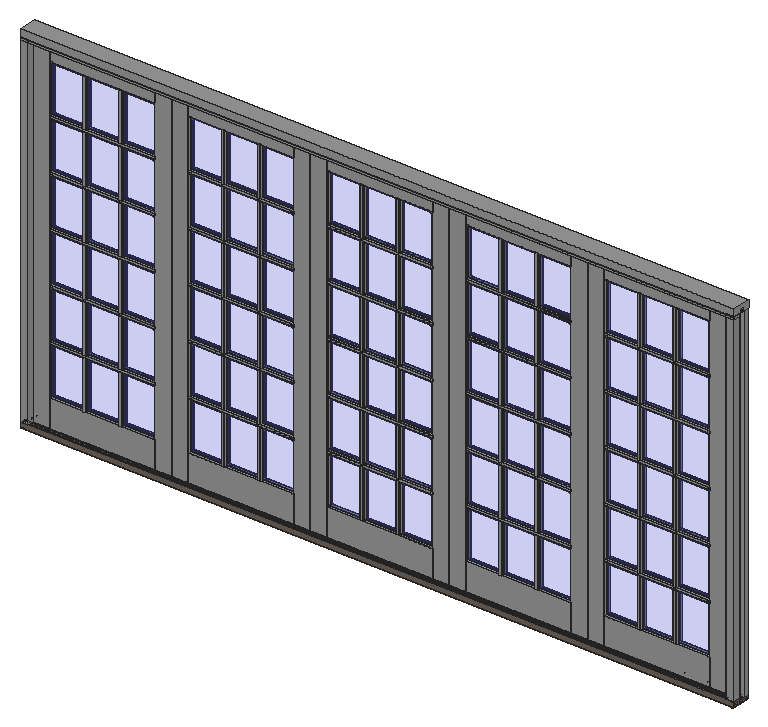
Revit family "VSFA 4190 SP RH", category Doors, host Wall, Revit 2015 (continued)
Forms (mm)
  Sweep 134, solid, material "Lauan, Meranti"
    path origin (-453.272, -75, -1252.284) x (1, 0, 0) y (0, 0, 1)
      loop
        line (338.612, 1726.284) -> (338.612, 1442.272) -> (536.952, 1442.272) -> (536.952, 1726.284) -> (338.612, 1726.284)
    profile origin (-15.49, -75, 474) x (0, 0, 1) y (0, -1, 0)
      loop
        line (-9, -78) -> (-9, -80) -> (-7, -80)
        arc (-7, -80) -> (-4.67, -84.366) -> (0, -86) r 6.807
        line (0, -86) -> (0, -78) -> (-9, -78)
  Sweep 135, solid, material "Lauan, Meranti"
    path origin (-241.932, -75, -1252.284) x (1, 0, 0) y (0, 0, 1)
      loop
        line (338.612, 1726.284) -> (338.612, 1442.272) -> (536.952, 1442.272) -> (536.952, 1726.284) -> (338.612, 1726.284)
    profile origin (195.85, -75, 474) x (0, 0, 1) y (0, -1, 0)
      loop
        line (-9, -78) -> (-9, -80) -> (-7, -80)
        arc (-7, -80) -> (-4.67, -84.366) -> (0, -86) r 6.807
        line (0, -86) -> (0, -78) -> (-9, -78)
  Extrusion 136, solid, material "Lauan, Meranti"
    sketch origin (-1526, 0, -0.012) x (1, 0, 0) y (0, 1, 0)
      loop
        line (597.34, -15.5) -> (597.34, -13.5)
        arc (597.34, -13.5) -> (602.01, -11.866) -> (604.34, -7.5) r 6.807
        line (604.34, -7.5) -> (606.34, -7.5) -> (606.34, -5.5) -> (597.34, -5.5) -> (597.34, 24.5) -> (584.34, 24.5) -> (584.34, -5.5) -> (575.34, -5.5) -> (575.34, -7.5) -> (577.34, -7.5)
        arc (577.34, -7.5) -> (579.67, -11.866) -> (584.34, -13.5) r 6.807
        line (584.34, -13.5) -> (584.34, -15.5) -> (597.34, -15.5)
      loop
        line (808.68, -15.5) -> (808.68, -13.5)
        arc (808.68, -13.5) -> (813.35, -11.866) -> (815.68, -7.5) r 6.807
        line (815.68, -7.5) -> (817.68, -7.5) -> (817.68, -5.5) -> (808.68, -5.5) -> (808.68, 24.5) -> (795.68, 24.5) -> (795.68, -5.5) -> (786.68, -5.5) -> (786.68, -7.5) -> (788.68, -7.5)
        arc (788.68, -7.5) -> (791.01, -11.866) -> (795.68, -13.5) r 6.807
        line (795.68, -13.5) -> (795.68, -15.5) -> (808.68, -15.5)
    from 190 to 474
  Sweep 137, solid, material "Lauan, Meranti"
    path origin (-1478.612, -75, -1252.284) x (1, 0, 0) y (0, 0, 1)
      loop
        line (338.612, 1726.284) -> (338.612, 1442.272) -> (536.952, 1442.272) -> (536.952, 1726.284) -> (338.612, 1726.284)
    profile origin (-1040.83, -75, 474) x (0, 0, 1) y (0, -1, 0)
      loop
        line (-9, -78) -> (-9, -80) -> (-7, -80)
        arc (-7, -80) -> (-4.67, -84.366) -> (0, -86) r 6.807
        line (0, -86) -> (0, -78) -> (-9, -78)
  Sweep 138, solid, material "Lauan, Meranti"
    path origin (-1267.272, -75, -1252.284) x (1, 0, 0) y (0, 0, 1)
      loop
        line (338.612, 1726.284) -> (338.612, 1442.272) -> (536.952, 1442.272) -> (536.952, 1726.284) -> (338.612, 1726.284)
    profile origin (-829.49, -75, 474) x (0, 0, 1) y (0, -1, 0)
      loop
        line (-9, -78) -> (-9, -80) -> (-7, -80)
        arc (-7, -80) -> (-4.67, -84.366) -> (0, -86) r 6.807
        line (0, -86) -> (0, -78) -> (-9, -78)
  Sweep 139, solid, material "Lauan, Meranti"
    path origin (-1055.932, -75, -1252.284) x (1, 0, 0) y (0, 0, 1)
      loop
        line (338.612, 1726.284) -> (338.612, 1442.272) -> (536.952, 1442.272) -> (536.952, 1726.284) -> (338.612, 1726.284)
    profile origin (-618.15, -75, 474) x (0, 0, 1) y (0, -1, 0)
      loop
        line (-9, -78) -> (-9, -80) -> (-7, -80)
        arc (-7, -80) -> (-4.67, -84.366) -> (0, -86) r 6.807
        line (0, -86) -> (0, -78) -> (-9, -78)
  Extrusion 140, solid, material "Lauan, Meranti"
    sketch origin (-2340, 0, -0.012) x (1, 0, 0) y (0, 1, 0)
      loop
        line (597.34, -15.5) -> (597.34, -13.5)
        arc (597.34, -13.5) -> (602.01, -11.866) -> (604.34, -7.5) r 6.807
        line (604.34, -7.5) -> (606.34, -7.5) -> (606.34, -5.5) -> (597.34, -5.5) -> (597.34, 24.5) -> (584.34, 24.5) -> (584.34, -5.5) -> (575.34, -5.5) -> (575.34, -7.5) -> (577.34, -7.5)
        arc (577.34, -7.5) -> (579.67, -11.866) -> (584.34, -13.5) r 6.807
        line (584.34, -13.5) -> (584.34, -15.5) -> (597.34, -15.5)
      loop
        line (808.68, -15.5) -> (808.68, -13.5)
        arc (808.68, -13.5) -> (813.35, -11.866) -> (815.68, -7.5) r 6.807
        line (815.68, -7.5) -> (817.68, -7.5) -> (817.68, -5.5) -> (808.68, -5.5) -> (808.68, 24.5) -> (795.68, 24.5) -> (795.68, -5.5) -> (786.68, -5.5) -> (786.68, -7.5) -> (788.68, -7.5)
        arc (788.68, -7.5) -> (791.01, -11.866) -> (795.68, -13.5) r 6.807
        line (795.68, -13.5) -> (795.68, -15.5) -> (808.68, -15.5)
    from 190 to 474
  Sweep 141, solid, material "Lauan, Meranti"
    path origin (-2292.612, -75, -1252.284) x (1, 0, 0) y (0, 0, 1)
      loop
        line (338.612, 1726.284) -> (338.612, 1442.272) -> (536.952, 1442.272) -> (536.952, 1726.284) -> (338.612, 1726.284)
    profile origin (-1854.83, -75, 474) x (0, 0, 1) y (0, -1, 0)
      loop
        line (-9, -78) -> (-9, -80) -> (-7, -80)
        arc (-7, -80) -> (-4.67, -84.366) -> (0, -86) r 6.807
        line (0, -86) -> (0, -78) -> (-9, -78)
  Sweep 142, solid, material "Lauan, Meranti"
    path origin (-2081.272, -75, -1252.284) x (1, 0, 0) y (0, 0, 1)
      loop
        line (338.612, 1726.284) -> (338.612, 1442.272) -> (536.952, 1442.272) -> (536.952, 1726.284) -> (338.612, 1726.284)
    profile origin (-1643.49, -75, 474) x (0, 0, 1) y (0, -1, 0)
      loop
        line (-9, -78) -> (-9, -80) -> (-7, -80)
        arc (-7, -80) -> (-4.67, -84.366) -> (0, -86) r 6.807
        line (0, -86) -> (0, -78) -> (-9, -78)
  Sweep 143, solid, material "Lauan, Meranti"
    path origin (-1869.932, -75, -1252.284) x (1, 0, 0) y (0, 0, 1)
      loop
        line (338.612, 1726.284) -> (338.612, 1442.272) -> (536.952, 1442.272) -> (536.952, 1726.284) -> (338.612, 1726.284)
    profile origin (-1432.15, -75, 474) x (0, 0, 1) y (0, -1, 0)
      loop
        line (-9, -78) -> (-9, -80) -> (-7, -80)
        arc (-7, -80) -> (-4.67, -84.366) -> (0, -86) r 6.807
        line (0, -86) -> (0, -78) -> (-9, -78)
Cuts and joins
  joined: Extrusion 7, Extrusion 8
  joined: Extrusion 5, Extrusion 6
Lines and regions (mm)
  Opening 1
    outline origin (-5000, 75, 0) x (-1, 0, 0) y (0, 0, 1)
      loop
        line (-7095, 0) -> (-2905, 0) -> (-2905, 2100) -> (-7095, 2100) -> (-7095, 0)
  model lines
    curve 1: line (2020, 24.5, 0) -> (1613.5, 728.579, 0)
    curve 2: line (1613.5, 728.579, 0) -> (1578.859, 708.579, 0)
    curve 3: line (1578.859, 708.579, 0) -> (1985.359, 4.5, 0)
    curve 4: line (1137.718, 24.5, 0) -> (1544.218, 728.579, 0)
    curve 5: line (1544.218, 728.579, 0) -> (1578.859, 708.579, 0)
    curve 6: line (1578.859, 708.579, 0) -> (1172.359, 4.5, 0)
    curve 7: line (1137.718, 24.5, 0) -> (731.218, 728.579, 0)
    curve 8: line (731.218, 728.579, 0) -> (696.577, 708.579, 0)
    curve 9: line (1103.077, 4.5, 0) -> (696.577, 708.579, 0)
    curve 10: line (255.436, 24.5, 0) -> (-151.064, 728.579, 0)
    curve 11: line (-151.064, 728.579, 0) -> (-185.705, 708.579, 0)
    curve 12: line (-185.705, 708.579, 0) -> (220.795, 4.5, 0)
    curve 13: line (255.436, 24.5, 0) -> (661.936, 728.579, 0)
    curve 14: line (661.936, 728.579, 0) -> (696.577, 708.579, 0)
    curve 15: line (290.077, 4.5, 0) -> (696.577, 708.579, 0)
    curve 16: line (1449.802, 99.5, 935) -> (1624.802, 99.5, 935)
    curve 17: line (1763.879, 99.5, 935) -> (1624.802, 99.5, 991.191)
    curve 18: line (1624.802, 99.5, 991.191) -> (1624.802, 99.5, 878.809)
    curve 19: line (1763.879, 99.5, 935) -> (1624.802, 99.5, 878.809)
    curve 20: line (635.802, 99.5, 935) -> (810.802, 99.5, 935)
    curve 21: line (949.879, 99.5, 935) -> (810.802, 99.5, 991.191)
    curve 22: line (810.802, 99.5, 991.191) -> (810.802, 99.5, 878.809)
    curve 23: line (949.879, 99.5, 935) -> (810.802, 99.5, 878.809)
    curve 24: line (-178.198, 99.5, 935) -> (-3.198, 99.5, 935)
    curve 25: line (135.879, 99.5, 935) -> (-3.198, 99.5, 991.191)
    curve 26: line (-3.198, 99.5, 991.191) -> (-3.198, 99.5, 878.809)
    curve 27: line (135.879, 99.5, 935) -> (-3.198, 99.5, 878.809)
    curve 28: line (-992.198, 99.5, 935) -> (-817.198, 99.5, 935)
    curve 29: line (-678.121, 99.5, 935) -> (-817.198, 99.5, 991.191)
    curve 30: line (-817.198, 99.5, 991.191) -> (-817.198, 99.5, 878.809)
    curve 31: line (-678.121, 99.5, 935) -> (-817.198, 99.5, 878.809)
    curve 32: line (-1806.198, 99.5, 935) -> (-1631.198, 99.5, 935)
    curve 33: line (-1492.121, 99.5, 935) -> (-1631.198, 99.5, 991.191)
    curve 34: line (-1631.198, 99.5, 991.191) -> (-1631.198, 99.5, 878.809)
    curve 35: line (-1492.121, 99.5, 935) -> (-1631.198, 99.5, 878.809)
Text (mm)
  text "Exterior" at (-2295.016, 1099.543, 0), in view "Ref. Level"
  text "Exterior" at (0, 1615.38, 3698.081), in view "Left"
  text "Exterior" at (0, 1036.032, 3874.932), in view "Right"
Dimensions and locks
  equal spacing: plane 3 "Left", plane 2 "Center (Left/Right)", plane 4 "Right"
  "Width": plane 3 "Left" to plane 4 "Right"
  "Height": plane 5 to host wall
  host wall to plane 5 = 2100 mm  (x2)
  locked: plane 6 "Exterior" to host wall at 0
  locked: plane 7 "Interior" to host wall
  plane 3 "Left" to plane 4 "Right" = 4190 mm
  aligned and locked: plane 1 to host wall
  aligned and locked: Opening 1 sketch curve to level
Automatic sketch dimensions
  plane 15 to curve 34 = 394.198 mm
  curve 32 to curve 33 = 139.078 mm
  plane 14 to curve 31 = 394.198 mm
  curve 28 to curve 31 = 139.078 mm
  curve 27 to plane 2 "Center (Left/Right)" = 3.198 mm
  plane 2 "Center (Left/Right)" to curve 25 = 135.879 mm
  plane 10 to curve 22 = 394.198 mm
  curve 20 to curve 21 = 139.078 mm
  curve 18 to plane 8 = 418.802 mm
  curve 16 to curve 17 = 139.078 mm
  level to curve 35 = 878.809 mm
  curve 31 to curve 34 = 0 mm
  curve 27 to curve 30 = 0 mm
  level to curve 18 = 878.809 mm
  curve 23 to curve 26 = 0 mm
  curve 22 to curve 21 = 56.191 mm
  curve 34 to curve 33 = 56.191 mm
  curve 18 to curve 19 = 56.191 mm
  curve 26 to curve 25 = 56.191 mm
  curve 30 to curve 29 = 56.191 mm
  curve 30 to curve 30 = 112.382 mm
  curve 26 to curve 25 = 112.382 mm
  curve 22 to curve 22 = 112.382 mm
  curve 34 to curve 33 = 112.382 mm
  curve 18 to curve 18 = 112.382 mm
  curve 32 to curve 32 = 175 mm
  curve 28 to curve 28 = 175 mm
  curve 24 to curve 24 = 175 mm
  curve 20 to curve 20 = 175 mm
  curve 16 to curve 16 = 175 mm
  curve 32 to curve 33 = 56.191 mm
  curve 20 to curve 21 = 56.191 mm
  curve 26 to curve 24 = 56.191 mm
  curve 16 to curve 17 = 56.191 mm
  curve 28 to curve 29 = 56.191 mm
  plane 4 "Right" to Opening 1 sketch curve = 0 mm
  plane 3 "Left" to Opening 1 sketch curve = 0 mm
  Opening 1 sketch curve to plane 5 = 0 mm
  Extrusion 1 sketch curve to level = 0 mm
  level to Extrusion 1 sketch curve = 1 mm
  Extrusion 1 sketch curve to host wall = 22.5 mm
  Extrusion 1 sketch curve to Extrusion 1 sketch curve = 1 mm  (x7)
  Extrusion 1 sketch curve to Extrusion 1 sketch curve = 0.5 mm  (x8)
  Extrusion 1 sketch curve to Extrusion 1 sketch curve = 8.551 mm
  Extrusion 1 sketch curve to Extrusion 1 sketch curve = 0.717 mm  (x10)
  Extrusion 1 sketch curve to Extrusion 1 sketch curve = 1.732 mm  (x10)
  Extrusion 1 sketch curve to Extrusion 1 sketch curve = 0 mm  (x24)
  Extrusion 1 sketch curve to Extrusion 1 sketch curve = 3.101 mm  (x3)
  Extrusion 1 sketch curve to Extrusion 1 sketch curve = 6.351 mm
  Extrusion 1 sketch curve to Extrusion 1 sketch curve = 1.5 mm  (x15)
  Extrusion 1 sketch curve to Extrusion 1 sketch curve = 0.7 mm
  level to Extrusion 1 sketch curve = 1.5 mm  (x3)
  Extrusion 1 sketch curve to Extrusion 1 sketch curve = 1.2 mm  (x2)
  Extrusion 1 sketch curve to Extrusion 1 sketch curve = 8.248 mm
  host wall to Extrusion 1 sketch curve = 4.5 mm
  host wall to Extrusion 1 sketch curve = 1.5 mm  (x2)
  Extrusion 1 sketch curve to host wall = 1.817 mm
  Extrusion 1 sketch curve to Extrusion 1 sketch curve = 1.433 mm  (x3)
  Extrusion 1 sketch curve to host wall = 3.75 mm
  Extrusion 1 sketch curve to Extrusion 1 sketch curve = 1.25 mm  (x2)
  Extrusion 1 sketch curve to Extrusion 1 sketch curve = 3.317 mm
  Extrusion 1 sketch curve to Extrusion 1 sketch curve = 4.551 mm
  Extrusion 1 sketch curve to Extrusion 1 sketch curve = 10.551 mm
  Extrusion 1 sketch curve to Extrusion 1 sketch curve = 11 mm
  Extrusion 1 sketch curve to Extrusion 1 sketch curve = 14.5 mm
  Extrusion 1 sketch curve to Extrusion 1 sketch curve = 2 mm  (x5)
  Extrusion 1 sketch curve to Extrusion 1 sketch curve = 0.3 mm
  Extrusion 1 sketch curve to Extrusion 1 sketch curve = 2.5 mm
  Extrusion 1 sketch curve to Extrusion 1 sketch curve = 1.488 mm
  Extrusion 1 sketch curve to Extrusion 1 sketch curve = 1.012 mm
  Extrusion 1 sketch curve to Extrusion 1 sketch curve = 5.5 mm
  Extrusion 1 sketch curve to Extrusion 1 sketch curve = 9 mm
  curve 11 to plane 2 "Center (Left/Right)" = 185.705 mm
  curve 11 to curve 11 = 34.641 mm
  curve 13 to host wall = 24.5 mm
  plane 11 to curve 13 = 135.564 mm
  curve 14 to plane 13 = 269.936 mm
  curve 13 to curve 8 = 34.641 mm
  curve 8 to curve 7 = 34.641 mm
  curve 4 to host wall = 24.5 mm
  plane 10 to curve 4 = 67.282 mm
  curve 4 to plane 8 = 338.218 mm
  curve 4 to curve 6 = 34.641 mm
  curve 2 to curve 2 = 34.641 mm
  host wall to curve 6 = 633.579 mm
  host wall to curve 12 = 633.579 mm
  host wall to curve 8 = 633.579 mm
  curve 2 to curve 2 = 20 mm
  curve 12 to host wall = 4.5 mm
  curve 15 to host wall = 4.5 mm
  curve 9 to host wall = 4.5 mm
  curve 6 to host wall = 4.5 mm
  curve 3 to host wall = 4.5 mm
  curve 1 to host wall = 24.5 mm
  plane 5 to Extrusion 2 sketch curve = 0 mm
  Extrusion 2 sketch curve to host wall = 22.5 mm  (x2)
  host wall to Extrusion 2 sketch curve = 6.5 mm
  Extrusion 2 sketch curve to host wall = 15.5 mm
  plane 5 to Extrusion 2 sketch curve = 25 mm
  Extrusion 2 sketch curve to Extrusion 2 sketch curve = 20 mm  (x2)
  Extrusion 3 sketch curve to host wall = 22.5 mm
  Extrusion 3 sketch curve to Extrusion 3 sketch curve = 3 mm  (x2)
  Extrusion 3 sketch curve to Extrusion 3 sketch curve = 22 mm
  Extrusion 3 sketch curve to Extrusion 3 sketch curve = 7 mm
  Extrusion 3 sketch curve to Extrusion 3 sketch curve = 0 mm
  plane 5 to Extrusion 3 sketch curve = 58 mm
  Extrusion 3 sketch curve to Extrusion 3 sketch curve = 3.5 mm
  Extrusion 3 sketch curve to Extrusion 3 sketch curve = 10 mm
  Extrusion 3 sketch curve to Extrusion 3 sketch curve = 6.5 mm
  host wall to Extrusion 4 sketch curve = 6 mm
  Extrusion 4 sketch curve to Extrusion 4 sketch curve = 2.2 mm  (x3)
  Extrusion 4 sketch curve to host wall = 12.8 mm
  plane 5 to Extrusion 4 sketch curve = 25 mm
  Extrusion 4 sketch curve to Extrusion 4 sketch curve = 17.8 mm  (x2)
  Extrusion 5 sketch curve to plane 3 "Left" = 0 mm
  Extrusion 5 sketch curve to plane 3 "Left" = 33 mm
  Extrusion 5 sketch curve to Extrusion 5 sketch curve = 45 mm
  Extrusion 5 sketch curve to host wall = 22.5 mm  (x2)
  Extrusion 5 sketch curve to host wall = 24.5 mm
  Extrusion 6 sketch curve to plane 3 "Left" = 0 mm
  Extrusion 6 sketch curve to plane 3 "Left" = 33 mm
  host wall to Extrusion 6 sketch curve = 19.5 mm
  Extrusion 6 sketch curve to Extrusion 6 sketch curve = 45 mm
  Extrusion 6 sketch curve to host wall = 24.5 mm
  Extrusion 6 sketch curve to host wall = 22.5 mm
  Extrusion 7 sketch curve to plane 4 "Right" = 0 mm  (x2)
  plane 4 "Right" to Extrusion 7 sketch curve = 30 mm  (x2)
  Extrusion 7 sketch curve to Extrusion 7 sketch curve = 15 mm  (x2)
  Extrusion 7 sketch curve to Extrusion 7 sketch curve = 10 mm  (x2)
  Extrusion 7 sketch curve to Extrusion 7 sketch curve = 20 mm
  Extrusion 7 sketch curve to host wall = 22.5 mm  (x2)
  host wall to Extrusion 7 sketch curve = 16.5 mm
  Extrusion 7 sketch curve to Extrusion 7 sketch curve = 1 mm
  host wall to Extrusion 7 sketch curve = 5.5 mm
  Extrusion 7 sketch curve to host wall = 14.5 mm
  Extrusion 7 sketch curve to Extrusion 7 sketch curve = 11 mm
  Extrusion 8 sketch curve to plane 4 "Right" = 0 mm
  plane 4 "Right" to Extrusion 8 sketch curve = 30 mm
  Extrusion 8 sketch curve to Extrusion 8 sketch curve = 0 mm
  Extrusion 8 sketch curve to Extrusion 8 sketch curve = 15 mm
  host wall to Extrusion 8 sketch curve = 5.5 mm
  Extrusion 8 sketch curve to Extrusion 8 sketch curve = 25 mm
  Extrusion 8 sketch curve to Extrusion 8 sketch curve = 20 mm
  Extrusion 8 sketch curve to Extrusion 8 sketch curve = 10 mm  (x2)
  Extrusion 8 sketch curve to host wall = 14.5 mm
  Extrusion 8 sketch curve to host wall = 25.5 mm
  Extrusion 8 sketch curve to host wall = 22.5 mm
  Extrusion 9 sketch curve to plane 12 = 0 mm
  Extrusion 9 sketch curve to plane 11 = 0 mm
  host wall to Extrusion 9 sketch curve = 13.5 mm
  Extrusion 9 sketch curve to plane 12 = 96 mm
  Extrusion 9 sketch curve to Extrusion 9 sketch curve = 0 mm
  Extrusion 9 sketch curve to Extrusion 9 sketch curve = 0.473 mm  (x3)
  Extrusion 9 sketch curve to Extrusion 9 sketch curve = 6.527 mm  (x2)
  Extrusion 9 sketch curve to Extrusion 9 sketch curve = 2 mm  (x4)
  host wall to Extrusion 9 sketch curve = 5.5 mm
  plane 11 to Extrusion 9 sketch curve = 105 mm
  host wall to Extrusion 9 sketch curve = 15.5 mm  (x2)
  host wall to Extrusion 9 sketch curve = 7.5 mm
  Extrusion 9 sketch curve to Extrusion 9 sketch curve = 1.468 mm
  Extrusion 9 sketch curve to host wall = 24.5 mm  (x2)
  Extrusion 10 sketch curve to plane 9 = 0 mm
  Extrusion 10 sketch curve to plane 14 = 0 mm
  host wall to Extrusion 10 sketch curve = 13.5 mm
  Extrusion 10 sketch curve to plane 9 = 96 mm
  Extrusion 10 sketch curve to Extrusion 10 sketch curve = 0 mm
  Extrusion 10 sketch curve to Extrusion 10 sketch curve = 0.473 mm  (x3)
  Extrusion 10 sketch curve to Extrusion 10 sketch curve = 6.527 mm  (x2)
  Extrusion 10 sketch curve to Extrusion 10 sketch curve = 2 mm  (x4)
  host wall to Extrusion 10 sketch curve = 5.5 mm
  plane 14 to Extrusion 10 sketch curve = 105 mm
  host wall to Extrusion 10 sketch curve = 15.5 mm  (x2)
  host wall to Extrusion 10 sketch curve = 7.5 mm
  Extrusion 10 sketch curve to Extrusion 10 sketch curve = 1.468 mm
  Extrusion 10 sketch curve to host wall = 24.5 mm  (x2)
  Extrusion 11 sketch curve to plane 13 = 0 mm
  Extrusion 11 sketch curve to plane 10 = 0 mm
  host wall to Extrusion 11 sketch curve = 13.5 mm
  Extrusion 11 sketch curve to plane 13 = 96 mm
  Extrusion 11 sketch curve to Extrusion 11 sketch curve = 0 mm
  Extrusion 11 sketch curve to Extrusion 11 sketch curve = 0.473 mm  (x3)
  Extrusion 11 sketch curve to Extrusion 11 sketch curve = 6.527 mm  (x2)
  Extrusion 11 sketch curve to Extrusion 11 sketch curve = 2 mm  (x4)
  host wall to Extrusion 11 sketch curve = 5.5 mm
  plane 10 to Extrusion 11 sketch curve = 105 mm
  host wall to Extrusion 11 sketch curve = 15.5 mm  (x2)
  host wall to Extrusion 11 sketch curve = 7.5 mm
  Extrusion 11 sketch curve to Extrusion 11 sketch curve = 1.468 mm
  Extrusion 11 sketch curve to host wall = 24.5 mm  (x2)
  Extrusion 12 sketch curve to plane 8 = 0 mm
  host wall to Extrusion 12 sketch curve = 13.5 mm
  Extrusion 12 sketch curve to plane 8 = 96 mm
  Extrusion 12 sketch curve to Extrusion 12 sketch curve = 0 mm
  Extrusion 12 sketch curve to Extrusion 12 sketch curve = 0.473 mm  (x3)
  Extrusion 12 sketch curve to Extrusion 12 sketch curve = 6.527 mm  (x2)
  Extrusion 12 sketch curve to Extrusion 12 sketch curve = 2 mm  (x4)
  host wall to Extrusion 12 sketch curve = 5.5 mm
  plane 4 "Right" to Extrusion 12 sketch curve = 181 mm
  Extrusion 12 sketch curve to host wall = 24.5 mm  (x2)
  plane 4 "Right" to Extrusion 12 sketch curve = 76 mm
  host wall to Extrusion 12 sketch curve = 15.5 mm  (x2)
  host wall to Extrusion 12 sketch curve = 7.5 mm
  Extrusion 12 sketch curve to Extrusion 12 sketch curve = 1.468 mm
  Extrusion 13 sketch curve to plane 15 = 0 mm
  host wall to Extrusion 13 sketch curve = 13.5 mm
  plane 15 to Extrusion 13 sketch curve = 96 mm
  Extrusion 13 sketch curve to Extrusion 13 sketch curve = 0 mm
  Extrusion 13 sketch curve to Extrusion 13 sketch curve = 0.473 mm  (x2)
  Extrusion 13 sketch curve to Extrusion 13 sketch curve = 6.527 mm  (x2)
  Extrusion 13 sketch curve to Extrusion 13 sketch curve = 2 mm  (x4)
  host wall to Extrusion 13 sketch curve = 5.5 mm
  Extrusion 13 sketch curve to plane 3 "Left" = 150 mm
  Extrusion 13 sketch curve to Extrusion 13 sketch curve = 9 mm
  host wall to Extrusion 13 sketch curve = 15.5 mm  (x2)
  Extrusion 13 sketch curve to plane 3 "Left" = 45 mm
  host wall to Extrusion 13 sketch curve = 7.5 mm
  Extrusion 13 sketch curve to Extrusion 13 sketch curve = 1.468 mm
  Extrusion 13 sketch curve to host wall = 24.5 mm  (x2)
  host wall to Extrusion 14 sketch curve = 15.5 mm  (x7)
  Extrusion 14 sketch curve to Extrusion 14 sketch curve = 2 mm  (x28)
  host wall to Extrusion 14 sketch curve = 7.5 mm  (x12)
  host wall to Extrusion 14 sketch curve = 6.697 mm  (x12)
  Extrusion 14 sketch curve to Extrusion 14 sketch curve = 1.197 mm  (x8)
  Extrusion 14 sketch curve to host wall = 24.5 mm  (x7)
  level to Extrusion 14 sketch curve = 19 mm
  Extrusion 14 sketch curve to Extrusion 14 sketch curve = 171 mm
  Extrusion 14 sketch curve to Extrusion 14 sketch curve = 0 mm  (x4)
  Extrusion 14 sketch curve to Extrusion 14 sketch curve = 0.241 mm  (x12)
  Extrusion 14 sketch curve to Extrusion 14 sketch curve = 266 mm  (x5)
  Extrusion 14 sketch curve to Extrusion 14 sketch curve = 6.759 mm  (x6)
  Extrusion 14 sketch curve to Extrusion 14 sketch curve = 13 mm  (x7)
  plane 5 to Extrusion 14 sketch curve = 150 mm
  plane 5 to Extrusion 14 sketch curve = 45 mm
  Extrusion 15 sketch curve to plane 8 = 96 mm  (x2)
  Extrusion 15 sketch curve to Extrusion 15 sketch curve = 0 mm  (x31)
  Extrusion 15 sketch curve to Extrusion 15 sketch curve = 198.34 mm  (x6)
  Extrusion 15 sketch curve to Extrusion 15 sketch curve = 13 mm  (x7)
  plane 4 "Right" to Extrusion 15 sketch curve = 171.98 mm  (x3)
  level to Extrusion 15 sketch curve = 189.988 mm  (x2)
  Extrusion 15 sketch curve to Extrusion 15 sketch curve = 284.012 mm  (x5)
  Extrusion 15 sketch curve to Extrusion 15 sketch curve = 12.988 mm  (x15)
  plane 5 to Extrusion 15 sketch curve = 141 mm
  host wall to Extrusion 16 sketch curve = 7.5 mm  (x3)
  Extrusion 16 sketch curve to plane 8 = 285.34 mm
  Extrusion 16 sketch curve to Extrusion 16 sketch curve = 2 mm  (x8)
  Extrusion 16 sketch curve to Extrusion 16 sketch curve = 6.759 mm  (x4)
  Extrusion 16 sketch curve to Extrusion 16 sketch curve = 0.241 mm  (x6)
  Extrusion 16 sketch curve to Extrusion 16 sketch curve = 13 mm  (x3)
  Extrusion 16 sketch curve to Extrusion 16 sketch curve = 0 mm  (x2)
  host wall to Extrusion 16 sketch curve = 5.5 mm
  Extrusion 16 sketch curve to Extrusion 16 sketch curve = 180.34 mm
  Extrusion 16 sketch curve to Extrusion 16 sketch curve = 8 mm
  host wall to Extrusion 16 sketch curve = 13.5 mm
  Extrusion 16 sketch curve to Extrusion 16 sketch curve = 6 mm
  Extrusion 16 sketch curve to Extrusion 16 sketch curve = 1.197 mm  (x2)
  Extrusion 16 sketch curve to host wall = 24.5 mm  (x2)
  Sweep 17 sketch curve to plane 8 = 96 mm
  Sweep 17 sketch curve to Sweep 17 sketch curve = 198.34 mm
  plane 5 to Sweep 17 sketch curve = 425.012 mm
  plane 5 to Sweep 17 sketch curve = 141 mm
  profile plane to Sweep 17 sketch curve = 0 mm
  profile plane to Sweep 17 sketch curve = 0.241 mm
  Sweep 17 sketch curve to Sweep 17 sketch curve = 6.759 mm
  Sweep 17 sketch curve to Sweep 17 sketch curve = 2 mm  (x2)
  Sweep 17 sketch curve to profile plane = 86 mm
  Sweep 17 sketch curve to Sweep 17 sketch curve = 6 mm
  Sweep 18 sketch curve to plane 8 = 307.34 mm
  Sweep 18 sketch curve to Sweep 18 sketch curve = 198.34 mm
  plane 5 to Sweep 18 sketch curve = 425.012 mm
  plane 5 to Sweep 18 sketch curve = 141 mm
  profile plane to Sweep 18 sketch curve = 0 mm
  profile plane to Sweep 18 sketch curve = 0.241 mm
  Sweep 18 sketch curve to Sweep 18 sketch curve = 6.759 mm
  Sweep 18 sketch curve to Sweep 18 sketch curve = 2 mm  (x2)
  Sweep 18 sketch curve to profile plane = 86 mm
  Sweep 18 sketch curve to Sweep 18 sketch curve = 6 mm
  plane 4 "Right" to Sweep 19 sketch curve = 370.32 mm
  plane 4 "Right" to Sweep 19 sketch curve = 171.98 mm
  plane 5 to Sweep 19 sketch curve = 425.012 mm
  plane 5 to Sweep 19 sketch curve = 141 mm
  profile plane to Sweep 19 sketch curve = 0 mm
  profile plane to Sweep 19 sketch curve = 0.241 mm
  Sweep 19 sketch curve to Sweep 19 sketch curve = 6.759 mm
  Sweep 19 sketch curve to Sweep 19 sketch curve = 2 mm  (x2)
  Sweep 19 sketch curve to profile plane = 86 mm
  Sweep 19 sketch curve to Sweep 19 sketch curve = 6 mm
  host wall to Extrusion 20 sketch curve = 7.5 mm  (x3)
  Extrusion 20 sketch curve to plane 8 = 285.34 mm
  Extrusion 20 sketch curve to Extrusion 20 sketch curve = 2 mm  (x8)
  Extrusion 20 sketch curve to Extrusion 20 sketch curve = 6.759 mm  (x4)
  Extrusion 20 sketch curve to Extrusion 20 sketch curve = 0.241 mm  (x6)
  Extrusion 20 sketch curve to Extrusion 20 sketch curve = 13 mm  (x3)
  Extrusion 20 sketch curve to Extrusion 20 sketch curve = 0 mm  (x2)
  host wall to Extrusion 20 sketch curve = 5.5 mm
  Extrusion 20 sketch curve to Extrusion 20 sketch curve = 180.34 mm
  Extrusion 20 sketch curve to Extrusion 20 sketch curve = 8 mm
  host wall to Extrusion 20 sketch curve = 13.5 mm
  Extrusion 20 sketch curve to Extrusion 20 sketch curve = 6 mm
  Extrusion 20 sketch curve to Extrusion 20 sketch curve = 1.197 mm  (x2)
  Extrusion 20 sketch curve to host wall = 24.5 mm  (x2)
  Sweep 21 sketch curve to plane 8 = 96 mm
  Sweep 21 sketch curve to Sweep 21 sketch curve = 198.34 mm
  plane 5 to Sweep 21 sketch curve = 722.012 mm
  Sweep 21 sketch curve to Sweep 21 sketch curve = 284.012 mm
  profile plane to Sweep 21 sketch curve = 0 mm
  profile plane to Sweep 21 sketch curve = 0.241 mm
  Sweep 21 sketch curve to Sweep 21 sketch curve = 6.759 mm
  Sweep 21 sketch curve to Sweep 21 sketch curve = 2 mm  (x2)
  Sweep 21 sketch curve to profile plane = 86 mm
  Sweep 21 sketch curve to Sweep 21 sketch curve = 6 mm
  Sweep 22 sketch curve to plane 8 = 307.34 mm
  Sweep 22 sketch curve to Sweep 22 sketch curve = 198.34 mm
  plane 5 to Sweep 22 sketch curve = 722.012 mm
  Sweep 22 sketch curve to Sweep 22 sketch curve = 284.012 mm
  profile plane to Sweep 22 sketch curve = 0 mm
  profile plane to Sweep 22 sketch curve = 0.241 mm
  Sweep 22 sketch curve to Sweep 22 sketch curve = 6.759 mm
  Sweep 22 sketch curve to Sweep 22 sketch curve = 2 mm  (x2)
  Sweep 22 sketch curve to profile plane = 86 mm
  Sweep 22 sketch curve to Sweep 22 sketch curve = 6 mm
  plane 4 "Right" to Sweep 23 sketch curve = 370.32 mm
  plane 4 "Right" to Sweep 23 sketch curve = 171.98 mm
  plane 5 to Sweep 23 sketch curve = 722.012 mm
  Sweep 23 sketch curve to Sweep 23 sketch curve = 284.012 mm
  profile plane to Sweep 23 sketch curve = 0 mm
  profile plane to Sweep 23 sketch curve = 0.241 mm
  Sweep 23 sketch curve to Sweep 23 sketch curve = 6.759 mm
  Sweep 23 sketch curve to Sweep 23 sketch curve = 2 mm  (x2)
  Sweep 23 sketch curve to profile plane = 86 mm
  Sweep 23 sketch curve to Sweep 23 sketch curve = 6 mm
  host wall to Extrusion 24 sketch curve = 7.5 mm  (x3)
  Extrusion 24 sketch curve to plane 8 = 285.34 mm
  Extrusion 24 sketch curve to Extrusion 24 sketch curve = 2 mm  (x8)
  Extrusion 24 sketch curve to Extrusion 24 sketch curve = 6.759 mm  (x4)
  Extrusion 24 sketch curve to Extrusion 24 sketch curve = 0.241 mm  (x6)
  Extrusion 24 sketch curve to Extrusion 24 sketch curve = 13 mm  (x3)
  Extrusion 24 sketch curve to Extrusion 24 sketch curve = 0 mm  (x2)
  host wall to Extrusion 24 sketch curve = 5.5 mm
  Extrusion 24 sketch curve to Extrusion 24 sketch curve = 180.34 mm
  Extrusion 24 sketch curve to Extrusion 24 sketch curve = 8 mm
  host wall to Extrusion 24 sketch curve = 13.5 mm
  Extrusion 24 sketch curve to Extrusion 24 sketch curve = 6 mm
  Extrusion 24 sketch curve to Extrusion 24 sketch curve = 1.197 mm  (x2)
  Extrusion 24 sketch curve to host wall = 24.5 mm  (x2)
  Sweep 25 sketch curve to plane 8 = 96 mm
  Sweep 25 sketch curve to Sweep 25 sketch curve = 198.34 mm
  plane 5 to Sweep 25 sketch curve = 1019.012 mm
  Sweep 25 sketch curve to Sweep 25 sketch curve = 284.012 mm
  profile plane to Sweep 25 sketch curve = 0 mm
  profile plane to Sweep 25 sketch curve = 0.241 mm
  Sweep 25 sketch curve to Sweep 25 sketch curve = 6.759 mm
  Sweep 25 sketch curve to Sweep 25 sketch curve = 2 mm  (x2)
  Sweep 25 sketch curve to profile plane = 86 mm
  Sweep 25 sketch curve to Sweep 25 sketch curve = 6 mm
  Sweep 26 sketch curve to plane 8 = 307.34 mm
  Sweep 26 sketch curve to Sweep 26 sketch curve = 198.34 mm
  plane 5 to Sweep 26 sketch curve = 1019.012 mm
  Sweep 26 sketch curve to Sweep 26 sketch curve = 284.012 mm
  profile plane to Sweep 26 sketch curve = 0 mm
  profile plane to Sweep 26 sketch curve = 0.241 mm
  Sweep 26 sketch curve to Sweep 26 sketch curve = 6.759 mm
  Sweep 26 sketch curve to Sweep 26 sketch curve = 2 mm  (x2)
  Sweep 26 sketch curve to profile plane = 86 mm
  Sweep 26 sketch curve to Sweep 26 sketch curve = 6 mm
  plane 4 "Right" to Sweep 27 sketch curve = 370.32 mm
  plane 4 "Right" to Sweep 27 sketch curve = 171.98 mm
  plane 5 to Sweep 27 sketch curve = 1019.012 mm
  Sweep 27 sketch curve to Sweep 27 sketch curve = 284.012 mm
  profile plane to Sweep 27 sketch curve = 0 mm
  profile plane to Sweep 27 sketch curve = 0.241 mm
  Sweep 27 sketch curve to Sweep 27 sketch curve = 6.759 mm
  Sweep 27 sketch curve to Sweep 27 sketch curve = 2 mm  (x2)
  Sweep 27 sketch curve to profile plane = 86 mm
  Sweep 27 sketch curve to Sweep 27 sketch curve = 6 mm
  host wall to Extrusion 28 sketch curve = 7.5 mm  (x3)
  Extrusion 28 sketch curve to plane 8 = 285.34 mm
  Extrusion 28 sketch curve to Extrusion 28 sketch curve = 2 mm  (x8)
  Extrusion 28 sketch curve to Extrusion 28 sketch curve = 6.759 mm  (x4)
  Extrusion 28 sketch curve to Extrusion 28 sketch curve = 0.241 mm  (x6)
  Extrusion 28 sketch curve to Extrusion 28 sketch curve = 13 mm  (x3)
  Extrusion 28 sketch curve to Extrusion 28 sketch curve = 0 mm  (x2)
  host wall to Extrusion 28 sketch curve = 5.5 mm
  Extrusion 28 sketch curve to Extrusion 28 sketch curve = 180.34 mm
  Extrusion 28 sketch curve to Extrusion 28 sketch curve = 8 mm
  host wall to Extrusion 28 sketch curve = 13.5 mm
  Extrusion 28 sketch curve to Extrusion 28 sketch curve = 6 mm
  Extrusion 28 sketch curve to Extrusion 28 sketch curve = 1.197 mm  (x2)
  Extrusion 28 sketch curve to host wall = 24.5 mm  (x2)
  Sweep 29 sketch curve to plane 8 = 96 mm
  Sweep 29 sketch curve to Sweep 29 sketch curve = 198.34 mm
  level to Sweep 29 sketch curve = 783.988 mm
  Sweep 29 sketch curve to Sweep 29 sketch curve = 284.012 mm
  profile plane to Sweep 29 sketch curve = 0 mm
  profile plane to Sweep 29 sketch curve = 0.241 mm
  Sweep 29 sketch curve to Sweep 29 sketch curve = 6.759 mm
  Sweep 29 sketch curve to Sweep 29 sketch curve = 2 mm  (x2)
  Sweep 29 sketch curve to profile plane = 86 mm
  Sweep 29 sketch curve to Sweep 29 sketch curve = 6 mm
  Sweep 30 sketch curve to plane 8 = 307.34 mm
  Sweep 30 sketch curve to Sweep 30 sketch curve = 198.34 mm
  level to Sweep 30 sketch curve = 783.988 mm
  Sweep 30 sketch curve to Sweep 30 sketch curve = 284.012 mm
  profile plane to Sweep 30 sketch curve = 0 mm
  profile plane to Sweep 30 sketch curve = 0.241 mm
  Sweep 30 sketch curve to Sweep 30 sketch curve = 6.759 mm
  Sweep 30 sketch curve to Sweep 30 sketch curve = 2 mm  (x2)
  Sweep 30 sketch curve to profile plane = 86 mm
  Sweep 30 sketch curve to Sweep 30 sketch curve = 6 mm
  plane 4 "Right" to Sweep 31 sketch curve = 370.32 mm
  plane 4 "Right" to Sweep 31 sketch curve = 171.98 mm
  level to Sweep 31 sketch curve = 783.988 mm
  Sweep 31 sketch curve to Sweep 31 sketch curve = 284.012 mm
  profile plane to Sweep 31 sketch curve = 0 mm
  profile plane to Sweep 31 sketch curve = 0.241 mm
  Sweep 31 sketch curve to Sweep 31 sketch curve = 6.759 mm
  Sweep 31 sketch curve to Sweep 31 sketch curve = 2 mm  (x2)
  Sweep 31 sketch curve to profile plane = 86 mm
  Sweep 31 sketch curve to Sweep 31 sketch curve = 6 mm
  host wall to Extrusion 32 sketch curve = 7.5 mm  (x3)
  Extrusion 32 sketch curve to plane 8 = 285.34 mm
  Extrusion 32 sketch curve to Extrusion 32 sketch curve = 2 mm  (x8)
  Extrusion 32 sketch curve to Extrusion 32 sketch curve = 6.759 mm  (x4)
  Extrusion 32 sketch curve to Extrusion 32 sketch curve = 0.241 mm  (x6)
  Extrusion 32 sketch curve to Extrusion 32 sketch curve = 13 mm  (x3)
  Extrusion 32 sketch curve to Extrusion 32 sketch curve = 0 mm  (x2)
  host wall to Extrusion 32 sketch curve = 5.5 mm
  Extrusion 32 sketch curve to Extrusion 32 sketch curve = 180.34 mm
  Extrusion 32 sketch curve to Extrusion 32 sketch curve = 8 mm
  host wall to Extrusion 32 sketch curve = 13.5 mm
  Extrusion 32 sketch curve to Extrusion 32 sketch curve = 6 mm
  Extrusion 32 sketch curve to Extrusion 32 sketch curve = 1.197 mm  (x2)
  Extrusion 32 sketch curve to host wall = 24.5 mm  (x2)
  Sweep 33 sketch curve to plane 8 = 96 mm
  Sweep 33 sketch curve to Sweep 33 sketch curve = 198.34 mm
  level to Sweep 33 sketch curve = 486.988 mm
  Sweep 33 sketch curve to Sweep 33 sketch curve = 284.012 mm
  profile plane to Sweep 33 sketch curve = 0 mm
  profile plane to Sweep 33 sketch curve = 0.241 mm
  Sweep 33 sketch curve to Sweep 33 sketch curve = 6.759 mm
  Sweep 33 sketch curve to Sweep 33 sketch curve = 2 mm  (x2)
  Sweep 33 sketch curve to profile plane = 86 mm
  Sweep 33 sketch curve to Sweep 33 sketch curve = 6 mm
  Sweep 34 sketch curve to plane 8 = 307.34 mm
  Sweep 34 sketch curve to Sweep 34 sketch curve = 198.34 mm
  level to Sweep 34 sketch curve = 486.988 mm
  Sweep 34 sketch curve to Sweep 34 sketch curve = 284.012 mm
  profile plane to Sweep 34 sketch curve = 0 mm
  profile plane to Sweep 34 sketch curve = 0.241 mm
  Sweep 34 sketch curve to Sweep 34 sketch curve = 6.759 mm
  Sweep 34 sketch curve to Sweep 34 sketch curve = 2 mm  (x2)
  Sweep 34 sketch curve to profile plane = 86 mm
  Sweep 34 sketch curve to Sweep 34 sketch curve = 6 mm
  plane 4 "Right" to Sweep 35 sketch curve = 370.32 mm
  plane 4 "Right" to Sweep 35 sketch curve = 171.98 mm
  level to Sweep 35 sketch curve = 486.988 mm
  Sweep 35 sketch curve to Sweep 35 sketch curve = 284.012 mm
  profile plane to Sweep 35 sketch curve = 0 mm
  profile plane to Sweep 35 sketch curve = 0.241 mm
  Sweep 35 sketch curve to Sweep 35 sketch curve = 6.759 mm
  Sweep 35 sketch curve to Sweep 35 sketch curve = 2 mm  (x2)
  Sweep 35 sketch curve to profile plane = 86 mm
  Sweep 35 sketch curve to Sweep 35 sketch curve = 6 mm
  host wall to Extrusion 36 sketch curve = 15.5 mm  (x7)
  Extrusion 36 sketch curve to Extrusion 36 sketch curve = 2 mm  (x28)
  host wall to Extrusion 36 sketch curve = 7.5 mm  (x12)
  host wall to Extrusion 36 sketch curve = 6.697 mm  (x12)
  Extrusion 36 sketch curve to Extrusion 36 sketch curve = 1.197 mm  (x8)
  Extrusion 36 sketch curve to host wall = 24.5 mm  (x7)
  level to Extrusion 36 sketch curve = 19 mm
  Extrusion 36 sketch curve to Extrusion 36 sketch curve = 171 mm
  Extrusion 36 sketch curve to Extrusion 36 sketch curve = 0 mm  (x4)
  Extrusion 36 sketch curve to Extrusion 36 sketch curve = 0.241 mm  (x12)
  Extrusion 36 sketch curve to Extrusion 36 sketch curve = 266 mm  (x5)
  Extrusion 36 sketch curve to Extrusion 36 sketch curve = 6.759 mm  (x6)
  Extrusion 36 sketch curve to Extrusion 36 sketch curve = 13 mm  (x7)
  plane 5 to Extrusion 36 sketch curve = 150 mm
  plane 5 to Extrusion 36 sketch curve = 45 mm
  Extrusion 37 sketch curve to plane 13 = 96 mm  (x2)
  Extrusion 37 sketch curve to Extrusion 37 sketch curve = 0 mm  (x31)
  Extrusion 37 sketch curve to Extrusion 37 sketch curve = 198.34 mm  (x6)
  Extrusion 37 sketch curve to Extrusion 37 sketch curve = 13 mm  (x7)
  plane 10 to Extrusion 37 sketch curve = 95.98 mm  (x3)
  level to Extrusion 37 sketch curve = 189.988 mm  (x2)
  Extrusion 37 sketch curve to Extrusion 37 sketch curve = 284.012 mm  (x5)
  Extrusion 37 sketch curve to Extrusion 37 sketch curve = 12.988 mm  (x15)
  plane 5 to Extrusion 37 sketch curve = 141 mm
  host wall to Extrusion 38 sketch curve = 7.5 mm  (x3)
  Extrusion 38 sketch curve to plane 13 = 285.34 mm
  Extrusion 38 sketch curve to Extrusion 38 sketch curve = 2 mm  (x8)
  Extrusion 38 sketch curve to Extrusion 38 sketch curve = 6.759 mm  (x4)
  Extrusion 38 sketch curve to Extrusion 38 sketch curve = 0.241 mm  (x6)
  Extrusion 38 sketch curve to Extrusion 38 sketch curve = 13 mm  (x3)
  Extrusion 38 sketch curve to Extrusion 38 sketch curve = 0 mm  (x2)
  host wall to Extrusion 38 sketch curve = 5.5 mm
  Extrusion 38 sketch curve to Extrusion 38 sketch curve = 180.34 mm
  Extrusion 38 sketch curve to Extrusion 38 sketch curve = 8 mm
  host wall to Extrusion 38 sketch curve = 13.5 mm
  Extrusion 38 sketch curve to Extrusion 38 sketch curve = 6 mm
  Extrusion 38 sketch curve to Extrusion 38 sketch curve = 1.197 mm  (x2)
  Extrusion 38 sketch curve to host wall = 24.5 mm  (x2)
  Sweep 39 sketch curve to plane 13 = 96 mm
  Sweep 39 sketch curve to Sweep 39 sketch curve = 198.34 mm
  plane 5 to Sweep 39 sketch curve = 425.012 mm
  plane 5 to Sweep 39 sketch curve = 141 mm
  profile plane to Sweep 39 sketch curve = 0 mm
  profile plane to Sweep 39 sketch curve = 0.241 mm
  Sweep 39 sketch curve to Sweep 39 sketch curve = 6.759 mm
  Sweep 39 sketch curve to Sweep 39 sketch curve = 2 mm  (x2)
  Sweep 39 sketch curve to profile plane = 86 mm
  Sweep 39 sketch curve to Sweep 39 sketch curve = 6 mm
  Sweep 40 sketch curve to plane 13 = 307.34 mm
  Sweep 40 sketch curve to Sweep 40 sketch curve = 198.34 mm
  plane 5 to Sweep 40 sketch curve = 425.012 mm
  plane 5 to Sweep 40 sketch curve = 141 mm
  profile plane to Sweep 40 sketch curve = 0 mm
  profile plane to Sweep 40 sketch curve = 0.241 mm
  Sweep 40 sketch curve to Sweep 40 sketch curve = 6.759 mm
  Sweep 40 sketch curve to Sweep 40 sketch curve = 2 mm  (x2)
  Sweep 40 sketch curve to profile plane = 86 mm
  Sweep 40 sketch curve to Sweep 40 sketch curve = 6 mm
  plane 10 to Sweep 41 sketch curve = 294.32 mm
  plane 10 to Sweep 41 sketch curve = 95.98 mm
  plane 5 to Sweep 41 sketch curve = 425.012 mm
  plane 5 to Sweep 41 sketch curve = 141 mm
  profile plane to Sweep 41 sketch curve = 0 mm
  profile plane to Sweep 41 sketch curve = 0.241 mm
  Sweep 41 sketch curve to Sweep 41 sketch curve = 6.759 mm
  Sweep 41 sketch curve to Sweep 41 sketch curve = 2 mm  (x2)
  Sweep 41 sketch curve to profile plane = 86 mm
  Sweep 41 sketch curve to Sweep 41 sketch curve = 6 mm
  host wall to Extrusion 42 sketch curve = 7.5 mm  (x3)
  Extrusion 42 sketch curve to plane 13 = 285.34 mm
  Extrusion 42 sketch curve to Extrusion 42 sketch curve = 2 mm  (x8)
  Extrusion 42 sketch curve to Extrusion 42 sketch curve = 6.759 mm  (x4)
  Extrusion 42 sketch curve to Extrusion 42 sketch curve = 0.241 mm  (x6)
  Extrusion 42 sketch curve to Extrusion 42 sketch curve = 13 mm  (x3)
  Extrusion 42 sketch curve to Extrusion 42 sketch curve = 0 mm  (x2)
  host wall to Extrusion 42 sketch curve = 5.5 mm
  Extrusion 42 sketch curve to Extrusion 42 sketch curve = 180.34 mm
  Extrusion 42 sketch curve to Extrusion 42 sketch curve = 8 mm
  host wall to Extrusion 42 sketch curve = 13.5 mm
  Extrusion 42 sketch curve to Extrusion 42 sketch curve = 6 mm
  Extrusion 42 sketch curve to Extrusion 42 sketch curve = 1.197 mm  (x2)
  Extrusion 42 sketch curve to host wall = 24.5 mm  (x2)
  Sweep 43 sketch curve to plane 13 = 96 mm
  Sweep 43 sketch curve to Sweep 43 sketch curve = 198.34 mm
  plane 5 to Sweep 43 sketch curve = 722.012 mm
  Sweep 43 sketch curve to Sweep 43 sketch curve = 284.012 mm
  profile plane to Sweep 43 sketch curve = 0 mm
  profile plane to Sweep 43 sketch curve = 0.241 mm
  Sweep 43 sketch curve to Sweep 43 sketch curve = 6.759 mm
  Sweep 43 sketch curve to Sweep 43 sketch curve = 2 mm  (x2)
  Sweep 43 sketch curve to profile plane = 86 mm
  Sweep 43 sketch curve to Sweep 43 sketch curve = 6 mm
  Sweep 44 sketch curve to plane 13 = 307.34 mm
  Sweep 44 sketch curve to Sweep 44 sketch curve = 198.34 mm
  plane 5 to Sweep 44 sketch curve = 722.012 mm
  Sweep 44 sketch curve to Sweep 44 sketch curve = 284.012 mm
  profile plane to Sweep 44 sketch curve = 0 mm
  profile plane to Sweep 44 sketch curve = 0.241 mm
  Sweep 44 sketch curve to Sweep 44 sketch curve = 6.759 mm
  Sweep 44 sketch curve to Sweep 44 sketch curve = 2 mm  (x2)
  Sweep 44 sketch curve to profile plane = 86 mm
  Sweep 44 sketch curve to Sweep 44 sketch curve = 6 mm
  plane 10 to Sweep 45 sketch curve = 294.32 mm
  plane 10 to Sweep 45 sketch curve = 95.98 mm
  plane 5 to Sweep 45 sketch curve = 722.012 mm
  Sweep 45 sketch curve to Sweep 45 sketch curve = 284.012 mm
  profile plane to Sweep 45 sketch curve = 0 mm
  profile plane to Sweep 45 sketch curve = 0.241 mm
  Sweep 45 sketch curve to Sweep 45 sketch curve = 6.759 mm
  Sweep 45 sketch curve to Sweep 45 sketch curve = 2 mm  (x2)
  Sweep 45 sketch curve to profile plane = 86 mm
  Sweep 45 sketch curve to Sweep 45 sketch curve = 6 mm
  host wall to Extrusion 46 sketch curve = 7.5 mm  (x3)
  Extrusion 46 sketch curve to plane 13 = 285.34 mm
  Extrusion 46 sketch curve to Extrusion 46 sketch curve = 2 mm  (x8)
  Extrusion 46 sketch curve to Extrusion 46 sketch curve = 6.759 mm  (x4)
  Extrusion 46 sketch curve to Extrusion 46 sketch curve = 0.241 mm  (x6)
  Extrusion 46 sketch curve to Extrusion 46 sketch curve = 13 mm  (x3)
  Extrusion 46 sketch curve to Extrusion 46 sketch curve = 0 mm  (x2)
  host wall to Extrusion 46 sketch curve = 5.5 mm
  Extrusion 46 sketch curve to Extrusion 46 sketch curve = 180.34 mm
  Extrusion 46 sketch curve to Extrusion 46 sketch curve = 8 mm
  host wall to Extrusion 46 sketch curve = 13.5 mm
  Extrusion 46 sketch curve to Extrusion 46 sketch curve = 6 mm
  Extrusion 46 sketch curve to Extrusion 46 sketch curve = 1.197 mm  (x2)
  Extrusion 46 sketch curve to host wall = 24.5 mm  (x2)
  Sweep 47 sketch curve to plane 13 = 96 mm
  Sweep 47 sketch curve to Sweep 47 sketch curve = 198.34 mm
  plane 5 to Sweep 47 sketch curve = 1019.012 mm
  Sweep 47 sketch curve to Sweep 47 sketch curve = 284.012 mm
  profile plane to Sweep 47 sketch curve = 0 mm
  profile plane to Sweep 47 sketch curve = 0.241 mm
  Sweep 47 sketch curve to Sweep 47 sketch curve = 6.759 mm
  Sweep 47 sketch curve to Sweep 47 sketch curve = 2 mm  (x2)
  Sweep 47 sketch curve to profile plane = 86 mm
  Sweep 47 sketch curve to Sweep 47 sketch curve = 6 mm
  Sweep 48 sketch curve to plane 13 = 307.34 mm
  Sweep 48 sketch curve to Sweep 48 sketch curve = 198.34 mm
  plane 5 to Sweep 48 sketch curve = 1019.012 mm
  Sweep 48 sketch curve to Sweep 48 sketch curve = 284.012 mm
  profile plane to Sweep 48 sketch curve = 0 mm
  profile plane to Sweep 48 sketch curve = 0.241 mm
  Sweep 48 sketch curve to Sweep 48 sketch curve = 6.759 mm
  Sweep 48 sketch curve to Sweep 48 sketch curve = 2 mm  (x2)
  Sweep 48 sketch curve to profile plane = 86 mm
  Sweep 48 sketch curve to Sweep 48 sketch curve = 6 mm
  plane 10 to Sweep 49 sketch curve = 294.32 mm
  plane 10 to Sweep 49 sketch curve = 95.98 mm
  plane 5 to Sweep 49 sketch curve = 1019.012 mm
  Sweep 49 sketch curve to Sweep 49 sketch curve = 284.012 mm
  profile plane to Sweep 49 sketch curve = 0 mm
  profile plane to Sweep 49 sketch curve = 0.241 mm
  Sweep 49 sketch curve to Sweep 49 sketch curve = 6.759 mm
  Sweep 49 sketch curve to Sweep 49 sketch curve = 2 mm  (x2)
  Sweep 49 sketch curve to profile plane = 86 mm
  Sweep 49 sketch curve to Sweep 49 sketch curve = 6 mm
  host wall to Extrusion 50 sketch curve = 7.5 mm  (x3)
  Extrusion 50 sketch curve to plane 13 = 285.34 mm
  Extrusion 50 sketch curve to Extrusion 50 sketch curve = 2 mm  (x8)
  Extrusion 50 sketch curve to Extrusion 50 sketch curve = 6.759 mm  (x4)
  Extrusion 50 sketch curve to Extrusion 50 sketch curve = 0.241 mm  (x6)
  Extrusion 50 sketch curve to Extrusion 50 sketch curve = 13 mm  (x3)
  Extrusion 50 sketch curve to Extrusion 50 sketch curve = 0 mm  (x2)
  host wall to Extrusion 50 sketch curve = 5.5 mm
  Extrusion 50 sketch curve to Extrusion 50 sketch curve = 180.34 mm
  Extrusion 50 sketch curve to Extrusion 50 sketch curve = 8 mm
  host wall to Extrusion 50 sketch curve = 13.5 mm
  Extrusion 50 sketch curve to Extrusion 50 sketch curve = 6 mm
  Extrusion 50 sketch curve to Extrusion 50 sketch curve = 1.197 mm  (x2)
  Extrusion 50 sketch curve to host wall = 24.5 mm  (x2)
  Sweep 51 sketch curve to plane 13 = 96 mm
  Sweep 51 sketch curve to Sweep 51 sketch curve = 198.34 mm
  level to Sweep 51 sketch curve = 783.988 mm
  Sweep 51 sketch curve to Sweep 51 sketch curve = 284.012 mm
  profile plane to Sweep 51 sketch curve = 0 mm
  profile plane to Sweep 51 sketch curve = 0.241 mm
  Sweep 51 sketch curve to Sweep 51 sketch curve = 6.759 mm
  Sweep 51 sketch curve to Sweep 51 sketch curve = 2 mm  (x2)
  Sweep 51 sketch curve to profile plane = 86 mm
  Sweep 51 sketch curve to Sweep 51 sketch curve = 6 mm
  Sweep 52 sketch curve to plane 13 = 307.34 mm
  Sweep 52 sketch curve to Sweep 52 sketch curve = 198.34 mm
  level to Sweep 52 sketch curve = 783.988 mm
  Sweep 52 sketch curve to Sweep 52 sketch curve = 284.012 mm
  profile plane to Sweep 52 sketch curve = 0 mm
  profile plane to Sweep 52 sketch curve = 0.241 mm
  Sweep 52 sketch curve to Sweep 52 sketch curve = 6.759 mm
  Sweep 52 sketch curve to Sweep 52 sketch curve = 2 mm  (x2)
  Sweep 52 sketch curve to profile plane = 86 mm
  Sweep 52 sketch curve to Sweep 52 sketch curve = 6 mm
  plane 10 to Sweep 53 sketch curve = 294.32 mm
  plane 10 to Sweep 53 sketch curve = 95.98 mm
  level to Sweep 53 sketch curve = 783.988 mm
  Sweep 53 sketch curve to Sweep 53 sketch curve = 284.012 mm
  profile plane to Sweep 53 sketch curve = 0 mm
  profile plane to Sweep 53 sketch curve = 0.241 mm
  Sweep 53 sketch curve to Sweep 53 sketch curve = 6.759 mm
  Sweep 53 sketch curve to Sweep 53 sketch curve = 2 mm  (x2)
  Sweep 53 sketch curve to profile plane = 86 mm
  Sweep 53 sketch curve to Sweep 53 sketch curve = 6 mm
  host wall to Extrusion 54 sketch curve = 7.5 mm  (x3)
  Extrusion 54 sketch curve to plane 13 = 285.34 mm
  Extrusion 54 sketch curve to Extrusion 54 sketch curve = 2 mm  (x8)
  Extrusion 54 sketch curve to Extrusion 54 sketch curve = 6.759 mm  (x4)
  Extrusion 54 sketch curve to Extrusion 54 sketch curve = 0.241 mm  (x6)
  Extrusion 54 sketch curve to Extrusion 54 sketch curve = 13 mm  (x3)
  Extrusion 54 sketch curve to Extrusion 54 sketch curve = 0 mm  (x2)
  host wall to Extrusion 54 sketch curve = 5.5 mm
  Extrusion 54 sketch curve to Extrusion 54 sketch curve = 180.34 mm
  Extrusion 54 sketch curve to Extrusion 54 sketch curve = 8 mm
  host wall to Extrusion 54 sketch curve = 13.5 mm
  Extrusion 54 sketch curve to Extrusion 54 sketch curve = 6 mm
  Extrusion 54 sketch curve to Extrusion 54 sketch curve = 1.197 mm  (x2)
  Extrusion 54 sketch curve to host wall = 24.5 mm  (x2)
  Sweep 55 sketch curve to plane 13 = 96 mm
  Sweep 55 sketch curve to Sweep 55 sketch curve = 198.34 mm
  level to Sweep 55 sketch curve = 486.988 mm
  Sweep 55 sketch curve to Sweep 55 sketch curve = 284.012 mm
  profile plane to Sweep 55 sketch curve = 0 mm
  profile plane to Sweep 55 sketch curve = 0.241 mm
  Sweep 55 sketch curve to Sweep 55 sketch curve = 6.759 mm
  Sweep 55 sketch curve to Sweep 55 sketch curve = 2 mm  (x2)
  Sweep 55 sketch curve to profile plane = 86 mm
  Sweep 55 sketch curve to Sweep 55 sketch curve = 6 mm
  Sweep 56 sketch curve to plane 13 = 307.34 mm
  Sweep 56 sketch curve to Sweep 56 sketch curve = 198.34 mm
  level to Sweep 56 sketch curve = 486.988 mm
  Sweep 56 sketch curve to Sweep 56 sketch curve = 284.012 mm
  profile plane to Sweep 56 sketch curve = 0 mm
  profile plane to Sweep 56 sketch curve = 0.241 mm
  Sweep 56 sketch curve to Sweep 56 sketch curve = 6.759 mm
  Sweep 56 sketch curve to Sweep 56 sketch curve = 2 mm  (x2)
  Sweep 56 sketch curve to profile plane = 86 mm
  Sweep 56 sketch curve to Sweep 56 sketch curve = 6 mm
  plane 10 to Sweep 57 sketch curve = 294.32 mm
  plane 10 to Sweep 57 sketch curve = 95.98 mm
  level to Sweep 57 sketch curve = 486.988 mm
  Sweep 57 sketch curve to Sweep 57 sketch curve = 284.012 mm
  profile plane to Sweep 57 sketch curve = 0 mm
  profile plane to Sweep 57 sketch curve = 0.241 mm
  Sweep 57 sketch curve to Sweep 57 sketch curve = 6.759 mm
  Sweep 57 sketch curve to Sweep 57 sketch curve = 2 mm  (x2)
  Sweep 57 sketch curve to profile plane = 86 mm
  Sweep 57 sketch curve to Sweep 57 sketch curve = 6 mm
  host wall to Extrusion 58 sketch curve = 15.5 mm  (x7)
  Extrusion 58 sketch curve to Extrusion 58 sketch curve = 2 mm  (x28)
  host wall to Extrusion 58 sketch curve = 7.5 mm  (x12)
  host wall to Extrusion 58 sketch curve = 6.697 mm  (x12)
  Extrusion 58 sketch curve to Extrusion 58 sketch curve = 1.197 mm  (x8)
  Extrusion 58 sketch curve to host wall = 24.5 mm  (x7)
  level to Extrusion 58 sketch curve = 19 mm
  Extrusion 58 sketch curve to Extrusion 58 sketch curve = 171 mm
  Extrusion 58 sketch curve to Extrusion 58 sketch curve = 0 mm  (x4)
  Extrusion 58 sketch curve to Extrusion 58 sketch curve = 0.241 mm  (x12)
  Extrusion 58 sketch curve to Extrusion 58 sketch curve = 266 mm  (x5)
  Extrusion 58 sketch curve to Extrusion 58 sketch curve = 6.759 mm  (x6)
  Extrusion 58 sketch curve to Extrusion 58 sketch curve = 13 mm  (x7)
  plane 5 to Extrusion 58 sketch curve = 150 mm
  plane 5 to Extrusion 58 sketch curve = 45 mm
  Extrusion 59 sketch curve to plane 12 = 96 mm  (x2)
  Extrusion 59 sketch curve to Extrusion 59 sketch curve = 0 mm  (x31)
  Extrusion 59 sketch curve to plane 2 "Center (Left/Right)" = 127.66 mm  (x3)
  Extrusion 59 sketch curve to Extrusion 59 sketch curve = 13 mm  (x7)
  plane 2 "Center (Left/Right)" to Extrusion 59 sketch curve = 83.68 mm  (x3)
  plane 11 to Extrusion 59 sketch curve = 95.98 mm  (x3)
  level to Extrusion 59 sketch curve = 189.988 mm  (x2)
  Extrusion 59 sketch curve to Extrusion 59 sketch curve = 284.012 mm  (x5)
  Extrusion 59 sketch curve to Extrusion 59 sketch curve = 12.988 mm  (x15)
  plane 5 to Extrusion 59 sketch curve = 141 mm
  host wall to Extrusion 60 sketch curve = 7.5 mm  (x3)
  Extrusion 60 sketch curve to plane 2 "Center (Left/Right)" = 136.66 mm
  Extrusion 60 sketch curve to Extrusion 60 sketch curve = 2 mm  (x8)
  Extrusion 60 sketch curve to Extrusion 60 sketch curve = 6.759 mm  (x4)
  Extrusion 60 sketch curve to Extrusion 60 sketch curve = 0.241 mm  (x6)
  Extrusion 60 sketch curve to Extrusion 60 sketch curve = 13 mm  (x3)
  Extrusion 60 sketch curve to Extrusion 60 sketch curve = 0 mm  (x2)
  host wall to Extrusion 60 sketch curve = 5.5 mm
  plane 2 "Center (Left/Right)" to Extrusion 60 sketch curve = 74.68 mm
  Extrusion 60 sketch curve to Extrusion 60 sketch curve = 8 mm
  host wall to Extrusion 60 sketch curve = 13.5 mm
  Extrusion 60 sketch curve to Extrusion 60 sketch curve = 6 mm
  Extrusion 60 sketch curve to Extrusion 60 sketch curve = 1.197 mm  (x2)
  Extrusion 60 sketch curve to host wall = 24.5 mm  (x2)
  Sweep 61 sketch curve to plane 12 = 96 mm
  Sweep 61 sketch curve to plane 2 "Center (Left/Right)" = 127.66 mm
  plane 5 to Sweep 61 sketch curve = 425.012 mm
  plane 5 to Sweep 61 sketch curve = 141 mm
  profile plane to Sweep 61 sketch curve = 0 mm
  profile plane to Sweep 61 sketch curve = 0.241 mm
  Sweep 61 sketch curve to Sweep 61 sketch curve = 6.759 mm
  Sweep 61 sketch curve to Sweep 61 sketch curve = 2 mm  (x2)
  Sweep 61 sketch curve to profile plane = 86 mm
  Sweep 61 sketch curve to Sweep 61 sketch curve = 6 mm
  Sweep 62 sketch curve to plane 2 "Center (Left/Right)" = 114.66 mm
  plane 2 "Center (Left/Right)" to Sweep 62 sketch curve = 83.68 mm
  plane 5 to Sweep 62 sketch curve = 425.012 mm
  plane 5 to Sweep 62 sketch curve = 141 mm
  profile plane to Sweep 62 sketch curve = 0 mm
  profile plane to Sweep 62 sketch curve = 0.241 mm
  Sweep 62 sketch curve to Sweep 62 sketch curve = 6.759 mm
  Sweep 62 sketch curve to Sweep 62 sketch curve = 2 mm  (x2)
  Sweep 62 sketch curve to profile plane = 86 mm
  Sweep 62 sketch curve to Sweep 62 sketch curve = 6 mm
  plane 2 "Center (Left/Right)" to Sweep 63 sketch curve = 96.68 mm
  plane 11 to Sweep 63 sketch curve = 95.98 mm
  plane 5 to Sweep 63 sketch curve = 425.012 mm
  plane 5 to Sweep 63 sketch curve = 141 mm
  profile plane to Sweep 63 sketch curve = 0 mm
  profile plane to Sweep 63 sketch curve = 0.241 mm
  Sweep 63 sketch curve to Sweep 63 sketch curve = 6.759 mm
  Sweep 63 sketch curve to Sweep 63 sketch curve = 2 mm  (x2)
  Sweep 63 sketch curve to profile plane = 86 mm
  Sweep 63 sketch curve to Sweep 63 sketch curve = 6 mm
  host wall to Extrusion 64 sketch curve = 7.5 mm  (x3)
  Extrusion 64 sketch curve to plane 2 "Center (Left/Right)" = 136.66 mm
  Extrusion 64 sketch curve to Extrusion 64 sketch curve = 2 mm  (x8)
  Extrusion 64 sketch curve to Extrusion 64 sketch curve = 6.759 mm  (x4)
  Extrusion 64 sketch curve to Extrusion 64 sketch curve = 0.241 mm  (x6)
  Extrusion 64 sketch curve to Extrusion 64 sketch curve = 13 mm  (x3)
  Extrusion 64 sketch curve to Extrusion 64 sketch curve = 0 mm  (x2)
  host wall to Extrusion 64 sketch curve = 5.5 mm
  plane 2 "Center (Left/Right)" to Extrusion 64 sketch curve = 74.68 mm
